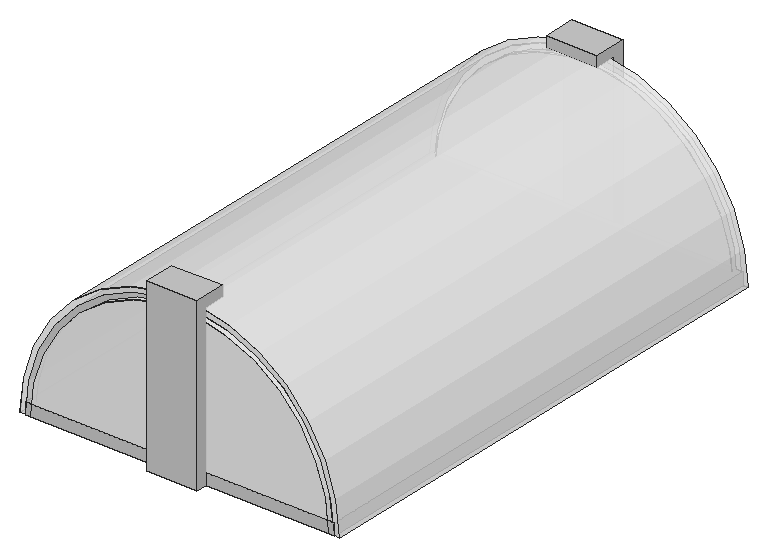
Revit family "2-5153-124 Siren", category Lighting Fixtures, Revit 2014
Parameters
  Wattage = 7.6948 W
  built-in parameter 1150110 = 1 (stored number, unit not read)
  URL = "http://www.oxygenlighting.com"
  Type Comments = "Lighting - Fluorescent"
  built-in parameter 1114217 = 1 (stored number, unit not read)
  Tilt Angle = 180.00°
  built-in parameter 1150109 = 1 (stored number, unit not read)
  built-in parameter 1150134 = (empty or 0)
  built-in parameter 1150113 = 1 (stored number, unit not read)
  Product Documentation Link = "http://oxygenlighting.com.s3.amazonaws.com/downloads/cutsheets/2-5153-xxx.pdf"
  Photometric Web File = "2-5153-124 Siren ITL77189.IES"
  Model = "2-5153-124"
  Metal Finish = Satin Nickel
  Manufacturer = "Oxygen Lighting"
  Lumens = 1143 lm
  built-in parameter 1150115 = 1 (stored number, unit not read)
  built-in parameter 1150105 = 138.36 (stored number, unit not read)
  built-in parameter 1150137 = (empty or 0)
  built-in parameter 1150139 = (empty or 0)
  built-in parameter 1150112 = 1 (stored number, unit not read)
  Lamp Manufacturer = "Sylvania"
  built-in parameter 1150114 = 1 (stored number, unit not read)
  Lamp = "1x26W Double Twin Tube Compact Fluorescent"
  Junction Box = "4\" Octagonal"
  Input Voltage (Volts AC) = "120"
  Power Factor = "0.99"
  Input Power (Watts) = "28.2"
  Input Current (Amps AC) = ""
  built-in parameter 1150132 = 2
  built-in parameter 1150102 = (empty or 0)
  built-in parameter 1150138 = (empty or 0)
  built-in parameter 1150107 = 3000 (stored number, unit not read)
  built-in parameter 1150106 = 1.3836 (stored number, unit not read)
  Fixture Height = 1' - 0 1/2"
  FIXTURE WIDTH = 0' - 7 29/32"
  Emit from Rectangle Width = 2' - 0"
  Emit from Rectangle Length = 4' - 0"
  Emit Shape Visible in Rendering = no
  Efficacy (lm/W) = ""
  built-in parameter 1150104 = 13.8 (stored number, unit not read)
  Dimming Lamp Color Temperature Shift = <None>
  Diffuser = White Opal Glass
  Description = "12\" Contemporary Wall Sconce"
  Default Elevation = 4' - 0"
  Color Filter = 16777215
  Ballast Manufacturer = "Fulham RH3-UNV-226-C"
  built-in parameter 1114218 = 1 (stored number, unit not read)
  built-in parameter 1150133 = 10 (stored number, unit not read)
  Apparent Load = 28.2 VA
  Acrylic = White Acrylic
  ADA Compliant = yes
Reference planes (in)
  plane 1 "Light Source Axis (F/B)": y = 0
  plane 2: z = 0
  plane 3 "Light Source Axis (L/R)": x = 0
  plane 4 "Light Source Elevation": z = 4
  plane 5: x = -3.75901
  plane 6: x = 3.74651
  plane 7: x = -3.95937
  plane 8: x = 3.94688
  plane 9: y = 6.3125
  plane 10: y = -6.1875
  plane 11: y = 6.0625
  plane 12: y = -5.9375
  plane 13: x = -0.59375
  plane 14: x = 0.59375
Forms (in)
  Extrusion 1, solid, material "Satin Nickel" <- "Metal Finish"
    sketch origin (0, 0, 0) x (0, 1, 0) y (0, 0, 1)
      loop
        line (5.5625, 3.75) -> (6.0625, 3.75) -> (6.0625, 0) -> (6.3125, 0) -> (6.3125, 4) -> (5.5625, 4) -> (5.5625, 3.75)
      loop
        line (-5.4375, 4) -> (-6.1875, 4) -> (-6.1875, 0) -> (-5.9375, 0) -> (-5.9375, 3.75) -> (-5.4375, 3.75) -> (-5.4375, 4)
    from -0.59687 to 0.59375
  Extrusion 2, solid, material "White Opal Glass" <- "Diffuser"
    sketch origin (0, 0, 0) x (1, 0, 0) y (0, 0, 1)
      loop
        arc (3.74651, 0) -> (-0.00625, 3.75276) -> (-3.75901, 0) r 3.75276
        line (-3.75901, 0) -> (-3.63401, 0)
        arc (-3.63401, 0) -> (-0.00625, 3.62776) -> (3.62151, 0) r 3.62776
        line (3.62151, 0) -> (3.74651, 0)
    from -6.0625 to 5.9375
  Extrusion 3, solid, material "White Acrylic" <- "Acrylic"
    sketch origin (0, 0, 0) x (1, 0, 0) y (0, 0, 1)
      loop
        arc (3.49651, 0) -> (-0.00625, 3.50276) -> (-3.50901, 0) r 3.50276
        line (-3.50901, 0) -> (3.49651, 0)
    from 5.8125 to 5.9375
  Extrusion 4, solid, material "White Acrylic" <- "Acrylic"
    sketch origin (0, 0.125, 0) x (1, 0, 0) y (0, 0, -1)
      loop
        line (3.49651, 0) -> (-3.50901, 0)
        arc (-3.50901, 0) -> (-0.00625, -3.50276) -> (3.49651, 0) r 3.50276
    from 5.8125 to 5.9375
  Extrusion 5, solid, material "Satin Nickel" <- "Metal Finish"
    sketch origin (0, 0, 0) x (1, 0, 0) y (0, 1, 0)
      loop
        line (-3.63401, 6.0625) -> (-3.63401, -5.9375) -> (3.62151, -5.9375) -> (3.62151, 6.0625) -> (-3.63401, 6.0625)
    from 0 to 0.29001
  Extrusion 6, solid, material "Satin Nickel" <- "Metal Finish", not visible
    sketch origin (0, 0, 0) x (0, 1, 0) y (0, 0, 1)
      loop
        line (5.5625, 3.75) -> (6.0625, 3.75) -> (6.0625, 0) -> (6.3125, 0) -> (6.3125, 4) -> (5.5625, 4) -> (5.5625, 3.75)
      loop
        line (-5.4375, 4) -> (-6.1875, 4) -> (-6.1875, 0) -> (-5.9375, 0) -> (-5.9375, 3.75) -> (-5.4375, 3.75) -> (-5.4375, 4)
    from -0.59687 to 0.59375
  Extrusion 7, solid, material "White Opal Glass" <- "Diffuser", not visible
    sketch origin (0, 0, 0) x (1, 0, 0) y (0, 0, 1)
      loop
        arc (3.74651, 0) -> (-0.00625, 3.75276) -> (-3.75901, 0) r 3.75276
        line (-3.75901, 0) -> (-3.63401, 0)
        arc (-3.63401, 0) -> (-0.00625, 3.62776) -> (3.62151, 0) r 3.62776
        line (3.62151, 0) -> (3.74651, 0)
    from -6.0625 to 5.9375
  Extrusion 8, solid, material "White Acrylic" <- "Acrylic", not visible
    sketch origin (0, 0, 0) x (1, 0, 0) y (0, 0, 1)
      loop
        arc (3.49651, 0) -> (-0.00625, 3.50276) -> (-3.50901, 0) r 3.50276
        line (-3.50901, 0) -> (3.49651, 0)
    from 5.8125 to 5.9375
  Extrusion 9, solid, material "White Acrylic" <- "Acrylic", not visible
    sketch origin (0, 0.125, 0) x (1, 0, 0) y (0, 0, -1)
      loop
        line (3.49651, 0) -> (-3.50901, 0)
        arc (-3.50901, 0) -> (-0.00625, -3.50276) -> (3.49651, 0) r 3.50276
    from 5.8125 to 5.9375
  Extrusion 10, solid, material "Satin Nickel" <- "Metal Finish", not visible
    sketch origin (0, 0, 0) x (1, 0, 0) y (0, 1, 0)
      loop
        line (-3.63401, 6.0625) -> (-3.63401, -5.9375) -> (3.62151, -5.9375) -> (3.62151, 6.0625) -> (-3.63401, 6.0625)
    from 0 to 0.29001
Dimensions and locks (in)
  "Fixture Height": plane 9 to plane 10
  equal spacing: plane 11, imposter light, plane 12, locked at 6 each
  "FIXTURE WIDTH": plane 7 to plane 8
  equal spacing: plane 5, imposter light, plane 6, locked at 3.75276 each
  plane 13 to plane 14 to plane 8 = 0' - 1 3/16" locked, 0' - 3.35313" locked
  aligned and locked: plane 4 "Light Source Elevation" to imposter light
  aligned and locked: level to plane 2
Automatic sketch dimensions
  Extrusion 1 sketch curve to Extrusion 1 sketch curve = 0' - 0 1/2"  (x2)
  Extrusion 2 sketch curve to Extrusion 2 sketch curve = 0' - 0 1/8"
  Extrusion 1 sketch curve to Extrusion 1 sketch curve = 0' - 0 1/4"  (x4)
  Extrusion 1 sketch curve to Extrusion 1 sketch curve = 0' - 11"
  Extrusion 1 sketch curve to Extrusion 1 sketch curve = 0' - 0"
  Extrusion 1 sketch curve to Extrusion 1 sketch curve = 0' - 3 3/4"  (x2)
  Extrusion 2 sketch curve to Extrusion 2 sketch curve = 0' - 0"  (x3)
  Extrusion 2 sketch curve to Extrusion 2 sketch curve = 0' - 3.62776"
  Extrusion 3 sketch curve to Extrusion 3 sketch curve = 0' - 3.50276"
  Extrusion 4 sketch curve to Extrusion 4 sketch curve = 0' - 3.50276"
  Extrusion 5 sketch curve to Extrusion 5 sketch curve = 0' - 7.25552"
  Extrusion 5 sketch curve to Extrusion 5 sketch curve = 1' - 0"
  Extrusion 6 sketch curve to Extrusion 6 sketch curve = 0' - 0 1/2"  (x2)
  Extrusion 7 sketch curve to Extrusion 7 sketch curve = 0' - 0 1/8"
  Extrusion 6 sketch curve to Extrusion 6 sketch curve = 0' - 0 1/4"  (x4)
  Extrusion 6 sketch curve to Extrusion 6 sketch curve = 0' - 11"
  Extrusion 6 sketch curve to Extrusion 6 sketch curve = 0' - 0"
  Extrusion 6 sketch curve to Extrusion 6 sketch curve = 0' - 3 3/4"  (x2)
  Extrusion 7 sketch curve to Extrusion 7 sketch curve = 0' - 0"  (x3)
  Extrusion 7 sketch curve to Extrusion 7 sketch curve = 0' - 3.62776"
  Extrusion 8 sketch curve to Extrusion 8 sketch curve = 0' - 3.50276"
  Extrusion 9 sketch curve to Extrusion 9 sketch curve = 0' - 3.50276"
  Extrusion 10 sketch curve to Extrusion 10 sketch curve = 0' - 7.25552"
  Extrusion 10 sketch curve to Extrusion 10 sketch curve = 1' - 0"
